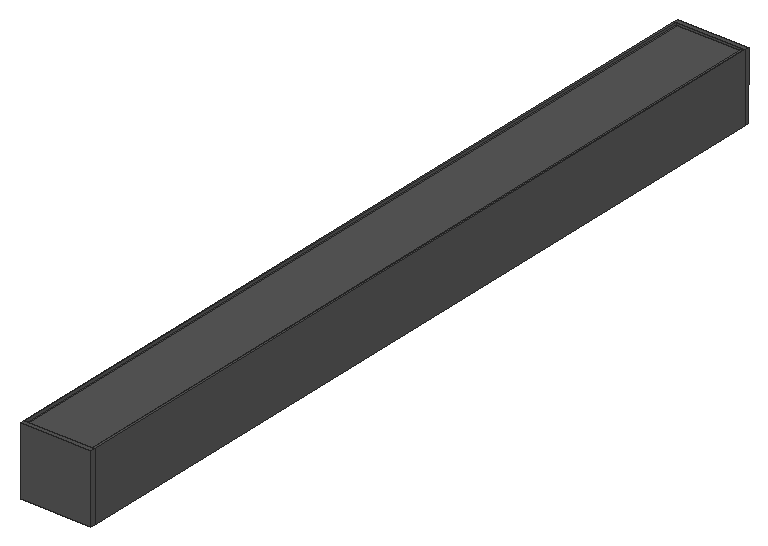
Revit family "EOS4.0-S-D", category Lighting Fixtures, host Face, Revit 2018
Family settings
  Host = Face
  Round Connector Dimension = Use Diameter
  Part Type = Normal
  Cut with Voids When Loaded = No
  Light Source = Yes
  Shared = Yes
  Room Calculation Point = Yes
Parameters (values of type "4' Direct")
  Wattage = 17.6471 W
  built-in parameter 1150110 = 1 (stored number, unit not read)
  Voltage = 0 V
  Type Comments = "LUX ILLUMINAIRE"
  built-in parameter 1114217 = 1 (stored number, unit not read)
  Tilt Angle = 90.00°
  built-in parameter 1150109 = 1 (stored number, unit not read)
  built-in parameter 1150134 = 12
  Switch Leg Visibility = no
  Switch Leg [instance] = ""
  built-in parameter 1150113 = 1 (stored number, unit not read)
  Photometric Web File = "EOS 4.0-S-D 375 4 40K 8.ies"
  Material [instance] = LUX ILLUMINAIRE Black
  Manufacturer = ""
  built-in parameter 1150105 = 119.37 (stored number, unit not read)
  Lumens = 1500 lm
  built-in parameter 1150115 = 1 (stored number, unit not read)
  built-in parameter 1150137 = (empty or 0)
  built-in parameter 1150139 = (empty or 0)
  built-in parameter 1150112 = 1 (stored number, unit not read)
  built-in parameter 1150114 = 1 (stored number, unit not read)
  Lamp = "LED"
  built-in parameter 1150132 = 2
  built-in parameter 1150102 = (empty or 0)
  built-in parameter 1150107 = 4000 (stored number, unit not read)
  built-in parameter 1150138 = (empty or 0)
  built-in parameter 1150106 = 1.1937 (stored number, unit not read)
  Fixture Width = 0' - 4 3/16"
  Fixture Symbol Visiblity = yes
  Fixture Length = 4' - 0"
  Emit from Rectangle Width = Fixture Width - 0' 0 1/4"  # 0' - 3 15/16"
  Emit from Rectangle Length = Fixture Length  # 4' - 0"
  Emit Shape Visible in Rendering = yes
  Emergency Lighting [instance] = no
  built-in parameter 1150104 = 7.8968 (stored number, unit not read)
  Dimming Lamp Color Temperature Shift = <None>
  Default Elevation = 4' - 0"
  Color Filter = 16777215
  built-in parameter 1140040 [instance] = 1
  built-in parameter 1114218 = 1 (stored number, unit not read)
  built-in parameter 1150133 = 10 (stored number, unit not read)
  Apparent Load = 13.6 VA
Types (7): name | Wattage | Type Comments | Manufacturer | built-in parameter 1150105 | Lumens | built-in parameter 1150106 | Fixture Length | Emit from Rectangle Length | Apparent Load
  2' Direct | 8.82353 W | 0' - 0" | "LUX ILLUMINAIRE" | 59.683 (stored number, unit not read) | 750 lm | 0.59683 (stored number, unit not read) | 2' - 0" | 2' - 0" | 6.8 VA
  3' Direct | 13.2353 W | "LUX ILLUMINAIRE" | "" | 89.525 (stored number, unit not read) | 1125 lm | 0.89525 (stored number, unit not read) | 3' - 0" | 3' - 0" | 10.2 VA
  4' Direct | 17.6471 W | "LUX ILLUMINAIRE" | "" | 119.37 (stored number, unit not read) | 1500 lm | 1.1937 (stored number, unit not read) | 4' - 0" | 4' - 0" | 13.6 VA
  5' Direct | 22.0588 W | "LUX ILLUMINAIRE" | "" | 149.21 (stored number, unit not read) | 1875 lm | 1.4921 (stored number, unit not read) | 5' - 0" | 5' - 0" | 17 VA
  6' Direct | 26.4706 W | 0' - 0" | "LUX ILLUMINAIRE" | 179.05 (stored number, unit not read) | 2250 lm | 1.7905 (stored number, unit not read) | 6' - 0" | 6' - 0" | 20.4 VA
  7' Direct | 30.8824 W | 0' - 0" | "LUX ILLUMINAIRE" | 208.89 (stored number, unit not read) | 2625 lm | 2.0889 (stored number, unit not read) | 7' - 0" | 7' - 0" | 23.8 VA
  8' Direct | 35.2941 W | 0' - 0" | "LUX ILLUMINAIRE" | 238.73 (stored number, unit not read) | 3000 lm | 2.3873 (stored number, unit not read) | 8' - 0" | 8' - 0" | 27.2 VA
Reference planes (in)
  plane 1 "Center (Front/Back)": y = 0
  plane 2: z = 0
  plane 3 "Center (Left/Right)": x = 0
  plane 4: x = 2.09375
  plane 5: x = -2.09375
  plane 6: y = 24
  plane 7: y = -24
  plane 8: z = 4
  plane 9: y = 24.25
  plane 10: y = -24.25
  plane 11: z = 0.08203
Forms (in)
  Extrusion 1, solid, material "LUX ILLUMINAIRE Black" <- "Material"
    sketch origin (0, 0, -20.03125) x (1, 0, 0) y (0, 0, 1)
      loop
        line (-2.094, 20.11178) -> (-0.437, 20.11178) -> (0.438, 20.11178) -> (2.09501, 20.11178) -> (2.09501, 24.12626) -> (2.01002, 24.12626) -> (2.01002, 24.01325) -> (1.85803, 24.03122) -> (-1.85745, 24.03122) -> (-2.00901, 24.01325) -> (-2.00901, 24.12626) -> (-2.094, 24.12626) -> (-2.094, 20.11178)
    from -24 to 24
  Extrusion 2, solid, material "LUX ILLUMINAIRE Black" <- "Material"
    sketch origin (0, 0, -20.03125) x (1, 0, 0) y (0, 0, 1)
      loop
        line (-2.094, 24.12626) -> (-2.094, 20.11178) -> (-0.437, 20.11178) -> (0.438, 20.11178) -> (2.09501, 20.11178) -> (2.09501, 24.12626) -> (-2.094, 24.12626)
    from 24 to 24.25
  Extrusion 3, solid, not visible
    sketch origin (0, 0, 0) x (1, 0, 0) y (0, 1, 0)
      loop
        circle (0.00029, -24) r 0.1875
    from 0 to 1
  Extrusion 4, solid, not visible
    sketch origin (0, 0, 0) x (1, 0, 0) y (0, 1, 0)
      loop
        circle (0.0005, -24) r 0.03125
    from 1 to 13.33203
  Extrusion 5, solid, not visible
    sketch origin (0, 0, 0) x (1, 0, 0) y (0, 1, 0)
      loop
        circle (0.0005, -24) r 0.18729
    from 13.33203 to 14.08203
  Extrusion 6, solid, material "LUX ILLUMINAIRE Black" <- "Material"
    sketch origin (0.00056, 24, -20.03125) x (1, 0, 0) y (0, 0, -1)
      loop
        line (-2.09431, -24.12626) -> (2.09319, -24.12626) -> (2.09319, -20.11178) -> (0.438, -20.11178) -> (-0.437, -20.11178) -> (-2.09431, -20.11178) -> (-2.09431, -24.12626)
    from 0 to 0.25
Lines and regions (in)
  symbolic lines, visible <- "Fixture Symbol Visiblity"
    curve 1: line (-2.09375, 24, 0) -> (2.09375, 24, 0)
    curve 2: line (-2.09375, -24, 0) -> (-2.09375, 24, 0)
    curve 3: line (2.09375, -24, 0) -> (-2.09375, -24, 0)
    curve 4: line (2.09375, 24, 0) -> (2.09375, -24, 0)
Dimensions and locks (in)
  plane 5 to plane 4 = 0' - 4 3/16"
  equal spacing: plane 7, plane 1 "Center (Front/Back)", plane 6
  "Fixture Length": plane 7 to plane 6
  plane 8 to host face = 0' - 4"
  locked: plane 6 to plane 9 at 0.25
  locked: plane 10 to plane 7 at 0.25
  Extrusion 6 to plane 8 to plane 11 = 0' - 0.09501" locked, 0' - 3 235/256" locked
  "Fixture Width": plane 4 to plane 5
  equal spacing: plane 4, plane 3 "Center (Left/Right)", plane 5
  locked: nested 2 to plane 10 at 9.5
  plane 11 to plane 8 = 0' - 3 235/256"
  aligned and locked: plane 2 to host face
  aligned and locked: level to host face
  aligned and locked: Extrusion 6 to plane 5
  aligned and locked: plane 4 to Extrusion 6
  aligned and locked: plane 6 to Extrusion 6
  aligned and locked: Extrusion 1 to plane 6
  aligned and locked: plane 10 to Extrusion 2
  aligned and locked: Extrusion 2 to plane 7
  aligned and locked: plane 7 to Extrusion 1
  aligned and locked: Extrusion 6 to plane 9
  aligned and locked: plane 7 to nested 1
  aligned and locked: plane 6 to curve 1
  aligned and locked: plane 5 to curve 2
  aligned and locked: curve 3 to plane 7
  aligned and locked: curve 4 to plane 4
  aligned and locked: nested 1 to plane 6
Automatic sketch dimensions
  host sketch curve to host sketch curve = 8' - 0"  (x2)
  Extrusion 1 sketch curve to plane 5 = 0' - 0.00025"
  plane 5 to Extrusion 1 sketch curve = 0' - 0.08474"  (x2)
  Extrusion 1 sketch curve to plane 8 = 0' - 0.018"  (x2)
  Extrusion 1 sketch curve to plane 8 = 0' - 0.00003"  (x2)
  Extrusion 1 sketch curve to Extrusion 1 sketch curve = 0' - 0.15157"
  Extrusion 1 sketch curve to plane 11 = 0' - 0.0015"
  Extrusion 1 sketch curve to plane 3 "Center (Left/Right)" = 0' - 0.437"
  plane 3 "Center (Left/Right)" to Extrusion 1 sketch curve = 0' - 0.438"
  Extrusion 1 sketch curve to plane 4 = 0' - 0.23572"
  Extrusion 1 sketch curve to plane 4 = 0' - 0.08373"  (x2)
  plane 4 to Extrusion 1 sketch curve = 0' - 0.00126"
  plane 8 to Extrusion 1 sketch curve = 0' - 0.09501"  (x2)
  Extrusion 1 sketch curve to Extrusion 1 sketch curve = 0' - 0"  (x2)
  Extrusion 2 sketch curve to plane 5 = 0' - 0.00025"
  Extrusion 2 sketch curve to plane 11 = 0' - 0.0015"
  Extrusion 2 sketch curve to plane 3 "Center (Left/Right)" = 0' - 0.437"
  plane 3 "Center (Left/Right)" to Extrusion 2 sketch curve = 0' - 0.438"
  plane 4 to Extrusion 2 sketch curve = 0' - 0.00126"
  plane 8 to Extrusion 2 sketch curve = 0' - 0.09501"
  plane 5 to Extrusion 6 sketch curve = 0' - 0"
  Extrusion 6 sketch curve to plane 11 = 0' - 0.0015"
  Extrusion 6 sketch curve to plane 3 "Center (Left/Right)" = 0' - 0.43644"
  plane 3 "Center (Left/Right)" to Extrusion 6 sketch curve = 0' - 0.43856"
  plane 4 to Extrusion 6 sketch curve = 0' - 0"
  plane 8 to Extrusion 6 sketch curve = 0' - 0.09501"
  radius of Extrusion 3 sketch curve = 0' - 0 3/16"
  radius of Extrusion 4 sketch curve = 0' - 0 1/32"
  radius of Extrusion 5 sketch curve = 0' - 0.18729"
Nested families (in)
  nested 1: "Emergency Symbol Rectangle" at (-11.90822, 0, 0) x (0, 1, 0) z (0, 0, 1), visible <- "Emergency Lighting", type "Emergency Symbol Rectangle"
    with Width 1' - 0.50394", Length 4' - 0"
  nested 2: "Switch Leg Annotation" at (9.99627, -14.75, 0) x (0, 1, 0) z (0, 0, 1), visible <- "Switch Leg Visibility", Switch Leg Annotation <- "Switch Leg", type "Switch Leg Annotation"
    with Switch Leg Annotation ""
Connectors (in)
  electrical at (-1.2655, 0, 0.08053), driven by "Apparent Load", driven by "Voltage"
    settings: on Extrusion 1, index 1, voltage 0 V, apparent load 0 VA, apparent load phase1 13.6 VA, apparent load phase2 0 VA, apparent load phase3 0 VA, power factor 1, load classification "Other", number of poles 1, system type 31, power factor state 1, is connector primary yes, connector utility no, sub classification motor no, connector description ""
Definition of nested family "Emergency Symbol Rectangle"
  Parameters (values of type "Emergency Symbol Rectangle")
    Width [instance] = 0' - 8 1/2"
    Length [instance] = 5' - 0"
    Emergency Visibility = no
  Reference planes (in)
    plane 1 "Center (Front/Back)": y = -7.75
    plane 2: z = 0
    plane 3 "Center (Left/Right)": x = -24
    plane 4: x = 24
    plane 5: x = -36
    plane 6: y = -3.5
    plane 7: y = -12
  Lines and regions (in)
    Filled region 1, type "Solid Fill - Black", in view "Ref. Level", detail levels coarse+medium
      outline origin (0, 0.25, 0) x (1, 0, 0) y (0, 1, 0)
        loop
          line (-36, -12.25) -> (24, -12.25) -> (-36, -10.125) -> (-36, -12.25)
  Dimensions and locks (in)
    equal spacing: plane 7, plane 1 "Center (Front/Back)", plane 6
    "Width": plane 7 to plane 6
    "Length": plane 5 to plane 4
    aligned and locked: plane 5 to Filled region 1
  Automatic sketch dimensions
    plane 1 "Center (Front/Back)" to Filled region 1 sketch curve = 0' - 2 1/8"
    Filled region 1 sketch curve to plane 3 "Center (Left/Right)" = 1' - 0"
    Filled region 1 sketch curve to plane 4 = 0' - 0"
    Filled region 1 sketch curve to plane 7 = 0' - 0"
Definition of nested family "Switch Leg Annotation"
  Parameters (values of type "Switch Leg Annotation")
    Switch Leg Annotation [instance] = ""
  Reference planes (in)
    plane 1: y = 0
    plane 2: x = 0
  Text (in)
    label "a" at (0.00527, 0.01239, 0), shows "Switch Leg Annotation"
